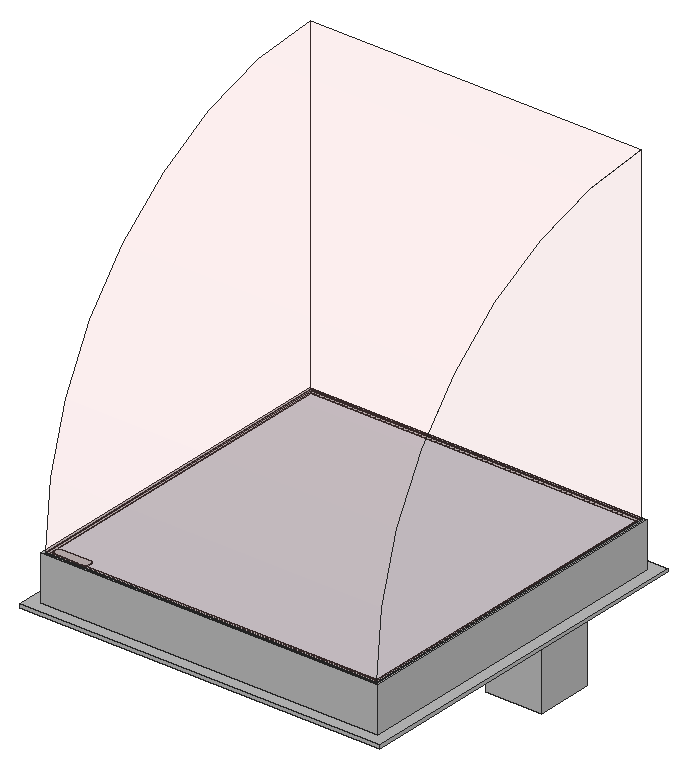
Revit family "Door_Access_Floor_Best_Access_Doors_BA-HFRC-1-Tile", category Specialty Equipment, host Face, Revit 2017
Family settings
  Host = Face
  Round Connector Dimension = Use Diameter
  Part Type = Normal
  Cut with Voids When Loaded = No
  Shared = No
  Room Calculation Point = No
Parameters
  halfswing = (Door Width / 2)  # 1' - 2 3/4"
  Warranty Duration (Years) = 0
  Unit Width = 2' - 0"
  Unit Weight = 0
  Unit Height = 2' - 0"
  Unit Depth = if(Unit Width < 4' 0", 0' 4 1/4", 0' 5")  # 0' - 4 1/4"
  URL = "https://www.bestaccessdoors.com/"
  Test Data = ""
  Swing Clearance Visible [instance] = yes
  Standards Conformance = "as Specified"
  Specification = ""
  SpecWizard = ""
  SingleSwing [instance] = and(Single Leaf, Swing Clearance Visible)  # yes
  Single Leaf = Unit Width < 4' 0"  # yes
  Sales Information = ""
  Revision = "R1_2017-03"
  Product data url = "https://bimobject.com/best-access-doors/product/hinged-floor-hatch-recessed-for-concrete"
  Product Properties = ""
  Product Data = ""
  Overall Width = 2' - 8"
  Overall Height = 2' - 8"
  Opening Width = Unit Width  # 2' - 0"
  Opening Height = Unit Height  # 2' - 0"
  Opening Depth [instance] = 1' - 0"
  Model = "As Specified"
  Manufacturer = "Best Access Doors"  # constant formula
  Maintenance Schedule (Months) = 0
  Keynote = ""
  Installation-Fabrication = ""
  Installation Phase = ""
  Green Building-LEED = ""
  Floor Material [instance] = none
  Fixture Finish [instance] = Metal - Best Access Doors - Aluminum
  Expected Lifespan (Years) = 0
  DoubleSwing [instance] = and(Double Leaf, Swing Clearance Visible)  # no
  Double Leaf = not(Single Leaf)  # no
  Door Width = Overall Width - (0' 1 1/4" * 2)  # 2' - 5 1/2"
  Door Height = Overall Height - (0' 1 1/4" * 2)  # 2' - 5 1/2"
  Description = "Best Access Doors Product as Specified"
  Default Elevation = 0' - 0"  # constant formula
  Construction Details = ""
  Clearance Material [instance] = Clearance
  Clear Opening Width = 1' - 8"
  Clear Opening Height = 2' - 0"
  Capacity = "as Specified"
  Available Options [instance] = "as Specified"
  Assembly Code = ""
Reference planes (in)
  plane 1 "Center (Front/Back)": y = 1.28343
  plane 2: z = 0
  plane 3 "Center (Left/Right)": x = 0
  plane 4: y = 13.28343
  plane 5: y = -10.71657
  plane 6: x = -12
  plane 7: x = 12
  plane 8: z = 0
  plane 9: y = 17.28343
  plane 10: y = -14.71657
  plane 11: x = -16
  plane 12: x = 16
  plane 13: z = -4.25
  plane 14: x = -12
  plane 15: x = 12
  plane 16: y = 13.28343
  plane 17: y = -10.71657
  plane 18: z = -12
  plane 19: y = -13.46657
  plane 20: y = 16.03343
  plane 21: x = -14.75
  plane 22: x = 14.75
Forms (in)
  Extrusion 1, void
    sketch origin (0, 0, 0) x (1, 0, 0) y (0, 1, 0)
      loop
        line (-12, 13.28343) -> (-12, -10.71657) -> (12, -10.71657) -> (12, 13.28343) -> (-12, 13.28343)
    from -12 to 0
  Sweep 2, solid, material "Metal - Best Access Doors - Aluminum" <- "Fixture Finish"
    path origin (0, 0, 0) x (1, 0, 0) y (0, 1, 0)
      loop
        line (-16, 17.28343) -> (-16, -14.71657) -> (16, -14.71657) -> (16, 17.28343) -> (-16, 17.28343)
    profile origin (0, 17.28343, 0) x (0, 1, 0) y (0, 0, 1)
      loop
        line (-4, -1) -> (-4, -4.25) -> (0, -4.25) -> (0, -4) -> (-1, -4) -> (-1, 0) -> (-1.25, 0) -> (-1.25, -4) -> (-3.75, -4) -> (-3.75, -1) -> (-4, -1)
  Extrusion 3, solid, material "Metal - Best Access Doors - Aluminum" <- "Fixture Finish", visible <- "Single Leaf"
    sketch origin (0, 0, 0) x (1, 0, 0) y (0, 1, 0)
      loop
        line (-14.75, 16.03343) -> (-14.75, -13.46657) -> (14.75, -13.46657) -> (14.75, 16.03343) -> (-14.75, 16.03343)
      loop
        line (14.5, 15.78343) -> (-14.5, 15.78343) -> (-14.5, -13.21657) -> (14.5, -13.21657) -> (14.5, 15.78343)
    from 0 to -0.25
  Extrusion 4, solid, material "Metal - Best Access Doors - Aluminum" <- "Fixture Finish", visible <- "Single Leaf"
    sketch origin (0, 0, 0) x (1, 0, 0) y (0, 1, 0)
      loop
        line (-14.5, 15.78343) -> (-14.5, -13.21657) -> (14.5, -13.21657) -> (14.5, 15.78343) -> (-14.5, 15.78343)
    from -1 to -0.25
  Extrusion 5, solid, material "Metal - Best Access Doors - Aluminum" <- "Fixture Finish", visible <- "Double Leaf"
    sketch origin (0, 0, 0) x (1, 0, 0) y (0, 1, 0)
      loop
        line (-14.75, 16.03343) -> (-14.75, -13.46657) -> (0, -13.46657) -> (0, 16.03343) -> (-14.75, 16.03343)
      loop
        line (-14.5, -13.21657) -> (-0.25, -13.21657) -> (-0.25, 15.78343) -> (-14.5, 15.78343) -> (-14.5, -13.21657)
    from 0 to -0.25
  Extrusion 6, solid, material "Metal - Best Access Doors - Aluminum" <- "Fixture Finish", visible <- "Double Leaf"
    sketch origin (0, 0, 0) x (-1, 0, 0) y (0, -1, 0)
      loop
        line (-14.75, -16.03343) -> (0, -16.03343) -> (0, 13.46657) -> (-14.75, 13.46657) -> (-14.75, -16.03343)
      loop
        line (-14.5, 13.21657) -> (-14.5, -15.78343) -> (-0.25, -15.78343) -> (-0.25, 13.21657) -> (-14.5, 13.21657)
    from 0 to -0.25
  Extrusion 7, solid, material "Metal - Best Access Doors - Aluminum" <- "Fixture Finish", visible <- "Double Leaf"
    sketch origin (0, 0, 0) x (1, 0, 0) y (0, 1, 0)
      loop
        line (-14.5, 15.78343) -> (-14.5, -13.21657) -> (0, -13.21657) -> (0, 15.78343) -> (-14.5, 15.78343)
    from -1 to -0.25
  Extrusion 8, solid, material "Metal - Best Access Doors - Aluminum" <- "Fixture Finish", visible <- "Double Leaf"
    sketch origin (0, 0, 0) x (-1, 0, 0) y (0, -1, 0)
      loop
        line (-14.5, -15.78343) -> (0, -15.78343) -> (0, 13.21657) -> (-14.5, 13.21657) -> (-14.5, -15.78343)
    from -1 to -0.25
  Extrusion 9, solid, material "Clearance" <- "Clearance Material", visible <- "DoubleSwing"
    sketch origin (0, 1.28343, 0) x (1, 0, 0) y (0, 0, 1)
      loop
        line (-14.75, 0) -> (0, 0)
        arc (0, 0) -> (-4.32017, 10.42983) -> (-14.75, 14.75) r 14.75
        line (-14.75, 14.75) -> (-14.75, 0)
    from -14.75 to 14.75
  Extrusion 10, solid, material "Clearance" <- "Clearance Material", visible <- "DoubleSwing"
    sketch origin (0, 1.28343, 0) x (-1, 0, 0) y (0, 0, -1)
      loop
        arc (-14.75, -14.75) -> (-4.32017, -10.42983) -> (0, 0) r 14.75
        line (0, 0) -> (-14.75, 0) -> (-14.75, -14.75)
    from -14.75 to 14.75
  Sweep 11, void
    path origin (0, 0, 0) x (1, 0, 0) y (0, 1, 0)
      loop
        line (-16, 17.28343) -> (-16, -14.71657) -> (16, -14.71657) -> (16, 17.28343) -> (-16, 17.28343)
    profile origin (0, 17.28343, 0) x (0, 1, 0) y (0, 0, 1)
      loop
        line (0, -4.25) -> (0, -4) -> (-1, -4) -> (-1, 0) -> (-4, 0) -> (-4, -4.25) -> (0, -4.25)
  Extrusion 12, solid, material "Metal - Best Access Doors - Aluminum" <- "Fixture Finish", visible <- "Single Leaf"
    sketch origin (0, 0, 0) x (1, 0, 0) y (0, 1, 0)
      loop
        arc (-14.11848, -12.45158) -> (-14.29526, -12.5248) -> (-14.36848, -12.70158) r 0.25
        line (-14.36848, -12.70158) -> (-14.36848, -12.96657)
        arc (-14.36848, -12.96657) -> (-14.29526, -13.14335) -> (-14.11848, -13.21657) r 0.25
        line (-14.11848, -13.21657) -> (-11.55598, -13.21657)
        arc (-11.55598, -13.21657) -> (-11.37921, -13.14335) -> (-11.30598, -12.96657) r 0.25
        line (-11.30598, -12.96657) -> (-11.30598, -12.70158)
        arc (-11.30598, -12.70158) -> (-11.37921, -12.5248) -> (-11.55598, -12.45158) r 0.25
        line (-11.55598, -12.45158) -> (-14.11848, -12.45158)
    from 0 to -0.25
  Extrusion 13, solid, material "Metal - Best Access Doors - Aluminum" <- "Fixture Finish", visible <- "Single Leaf"
    sketch origin (0, 0, 0) x (1, 0, 0) y (0, 1, 0)
      loop
        line (-12, 13.28343) -> (-12, 8.28343) -> (-7, 8.28343) -> (-7, 13.28343) -> (-12, 13.28343)
      loop
        line (12, 13.28343) -> (7, 13.28343) -> (7, 8.28343) -> (12, 8.28343) -> (12, 13.28343)
    from -4.25 to -13
  Extrusion 14, solid, material "Metal - Best Access Doors - Aluminum" <- "Fixture Finish", visible <- "Double Leaf"
    sketch origin (16.86525, 0.55839, 0) x (1, 0, 0) y (0, 1, 0)
      loop
        arc (-14.11848, -12.45158) -> (-14.29526, -12.5248) -> (-14.36848, -12.70158) r 0.25
        line (-14.36848, -12.70158) -> (-14.36848, -12.96657)
        arc (-14.36848, -12.96657) -> (-14.29526, -13.14335) -> (-14.11848, -13.21657) r 0.25
        line (-14.11848, -13.21657) -> (-11.55598, -13.21657)
        arc (-11.55598, -13.21657) -> (-11.37921, -13.14335) -> (-11.30598, -12.96657) r 0.25
        line (-11.30598, -12.96657) -> (-11.30598, -12.70158)
        arc (-11.30598, -12.70158) -> (-11.37921, -12.5248) -> (-11.55598, -12.45158) r 0.25
        line (-11.55598, -12.45158) -> (-14.11848, -12.45158)
    from 0 to -0.25
  Extrusion 15, solid, material <- "Floor Material", visible <- "Double Leaf"
    sketch origin (0, 0, 0) x (1, 0, 0) y (0, 1, 0)
      loop
        line (-14.5, 15.78343) -> (-14.5, -13.21657) -> (-0.25, -13.21657) -> (-0.25, 15.78343) -> (-14.5, 15.78343)
      loop
        line (0.25, -13.21657) -> (14.5, -13.21657) -> (14.5, 15.78343) -> (0.25, 15.78343) -> (0.25, -13.21657)
    from 0 to -0.25
  Extrusion 16, solid, material <- "Floor Material", visible <- "Single Leaf"
    sketch origin (0, 0, 0) x (1, 0, 0) y (0, 1, 0)
      loop
        line (-14.5, 15.78343) -> (-14.5, -13.21657) -> (14.5, -13.21657) -> (14.5, 15.78343) -> (-14.5, 15.78343)
    from 0 to -0.25
  Extrusion 17, solid, material "Clearance" <- "Clearance Material", visible <- "SingleSwing"
    sketch origin (0, 0, 0) x (0, 1, 0) y (0, 0, 1)
      loop
        arc (16.03343, 29.5) -> (-4.82622, 20.85965) -> (-13.46657, 0) r 29.5
        line (-13.46657, 0) -> (16.03343, 0) -> (16.03343, 29.5)
    from -14.75 to 14.75
  Extrusion 18, solid, material "Metal - Best Access Doors - Aluminum" <- "Fixture Finish", visible <- "Double Leaf"
    sketch origin (0, 0, 0) x (1, 0, 0) y (0, 1, 0)
      loop
        line (-12, 13.28343) -> (-12, 8.28343) -> (-7, 8.28343) -> (-7, 13.28343) -> (-12, 13.28343)
      loop
        line (-7, -5.71657) -> (-12, -5.71657) -> (-12, -10.71657) -> (-7, -10.71657) -> (-7, -5.71657)
      loop
        line (12, 13.28343) -> (7, 13.28343) -> (7, 8.28343) -> (12, 8.28343) -> (12, 13.28343)
      loop
        line (7, -5.71657) -> (7, -10.71657) -> (12, -10.71657) -> (12, -5.71657) -> (7, -5.71657)
    from -4.25 to -13
Lines and regions (in)
  model lines, visible <- "Single Leaf"
    curve 1: line (-14.75, -13.46657, 0) -> (0, 16.03343, 0)
    curve 2: line (0, 16.03343, 0) -> (14.75, -13.46657, 0)
  model lines, visible <- "DoubleSwing"
    curve 3: line (0, 16.03343, 0) -> (-14.75, 1.28343, 0)
    curve 4: line (-14.75, 1.28343, 0) -> (0, -13.46657, 0)
    curve 5: line (0, -13.46657, 0) -> (14.75, 1.28343, 0)
    curve 6: line (14.75, 1.28343, 0) -> (0, 16.03343, 0)
Dimensions and locks (in)
  locked: plane 8 to level
  equal spacing: plane 4, plane 1 "Center (Front/Back)", plane 5
  "Unit Height": plane 4 to plane 5
  equal spacing: plane 6, plane 3 "Center (Left/Right)", plane 7
  "Unit Width": plane 6 to plane 7
  equal spacing: plane 11, plane 3 "Center (Left/Right)", plane 12
  equal spacing: plane 9, plane 1 "Center (Front/Back)", plane 10
  "Overall Width": plane 11 to plane 12
  "Overall Height": plane 9 to plane 10
  "Unit Depth": plane 8 to plane 13
  equal spacing: plane 16, plane 1 "Center (Front/Back)", plane 17
  equal spacing: plane 14, plane 3 "Center (Left/Right)", plane 15
  "Opening Width": plane 14 to plane 15
  "Opening Height": plane 16 to plane 17
  "Opening Depth": level to plane 18
  locked: level to Sweep 11 sketch curve at 0
  Sweep 2 sketch curve to Sweep 2 sketch curve to plane 13 = 0' - 0" locked, 0' - 0 1/4" locked
  level to Sweep 2 sketch curve to Sweep 2 sketch curve = 0' - 0" locked, 0' - 1" locked
  locked: Sweep 11 sketch curve to plane 13 at 0.25
  locked: Extrusion 5 sketch curve to plane 10 at 1.25
  locked: plane 9 to Extrusion 5 sketch curve at 1.25
  locked: plane 11 to Extrusion 5 sketch curve at 1.25
  locked: Extrusion 3 sketch curve to plane 10 at 1.25
  locked: plane 9 to Extrusion 3 sketch curve at 1.25
  locked: plane 11 to Extrusion 3 sketch curve at 1.25
  locked: Extrusion 3 sketch curve to plane 12 at 1.25
  locked: plane 9 to Extrusion 6 sketch curve at 1.25
  locked: Extrusion 6 sketch curve to plane 12 at 1.25
  locked: Extrusion 6 sketch curve to plane 10 at 1.25
  locked: plane 14 to Extrusion 13 sketch curve at 5
  locked: plane 16 to Extrusion 13 sketch curve at 5  (x2)
  locked: Extrusion 13 sketch curve to plane 15 at 5
  plane 11 to Extrusion 12 sketch curve to Extrusion 12 sketch curve = 0' - 1.63152" locked, 0' - 3 1/16" locked
  Extrusion 12 sketch curve to Extrusion 12 sketch curve to plane 10 = 0' - 0.76499" locked, 0' - 1 1/2" locked
  locked: Extrusion 8 sketch curve to plane 10 at 1.5
  locked: plane 9 to Extrusion 8 sketch curve at 1.5
  locked: Extrusion 8 sketch curve to plane 12 at 1.5
  locked: plane 9 to Extrusion 4 sketch curve at 1.5
  locked: Extrusion 4 sketch curve to plane 10 at 1.5
  locked: plane 11 to Extrusion 4 sketch curve at 1.5
  locked: Extrusion 4 sketch curve to plane 12 at 1.5
  locked: plane 9 to Extrusion 7 sketch curve at 1.5
  locked: Extrusion 7 sketch curve to plane 10 at 1.5
  locked: plane 11 to Extrusion 7 sketch curve at 1.5
  locked: Extrusion 14 sketch curve to Extrusion 14 sketch curve at 3.0625
  locked: Extrusion 14 sketch curve to Extrusion 14 sketch curve at 0.76499
  locked: plane 3 "Center (Left/Right)" to Extrusion 14 sketch curve at 2.49677
  locked: Extrusion 14 sketch curve to plane 10 at 2.05839
  locked: plane 9 to Extrusion 15 sketch curve at 1.5  (x2)
  locked: plane 3 "Center (Left/Right)" to Extrusion 15 sketch curve at 0.25
  locked: Extrusion 15 sketch curve to plane 3 "Center (Left/Right)" at 0.25
  locked: Extrusion 15 sketch curve to plane 10 at 1.5  (x2)
  locked: plane 11 to Extrusion 15 sketch curve at 1.5
  locked: Extrusion 15 sketch curve to plane 12 at 1.5
  locked: plane 11 to Extrusion 16 sketch curve at 1.5
  locked: Extrusion 16 sketch curve to plane 12 at 1.5
  locked: plane 9 to Extrusion 16 sketch curve at 1.5
  locked: Extrusion 16 sketch curve to plane 10 at 1.5
  locked: Extrusion 9 sketch curve to plane 11 at 1.25
  locked: level to Extrusion 9 sketch curve at 0
  locked: plane 12 to Extrusion 10 sketch curve at 1.25
  locked: level to Extrusion 10 sketch curve at 0
  locked: plane 19 to plane 10 at 1.25
  locked: plane 9 to plane 20 at 1.25
  locked: plane 11 to plane 21 at 1.25
  locked: plane 22 to plane 12 at 1.25
  locked: Extrusion 17 sketch curve to plane 9 at 1.25
  locked: level to Extrusion 17 sketch curve at 0
  locked: Extrusion 18 sketch curve to plane 17 at 5  (x2)
  locked: plane 14 to Extrusion 18 sketch curve at 5  (x2)
  locked: plane 16 to Extrusion 18 sketch curve at 5  (x2)
  locked: Extrusion 18 sketch curve to plane 15 at 5  (x2)
  "halfswing": radius of Extrusion 9 sketch curve
  "halfswing": radius of Extrusion 10 sketch curve
  "Door Height": radius of Extrusion 17 sketch curve
  aligned and locked: host face to plane 2
  aligned and locked: host face to level
  aligned and locked: Extrusion 1 sketch curve to plane 16
  aligned and locked: plane 14 to Extrusion 1 sketch curve
  aligned and locked: plane 17 to Extrusion 1 sketch curve
  aligned and locked: Extrusion 1 sketch curve to plane 15
  aligned and locked: Extrusion 1 to plane 18
  aligned and locked: plane 8 to Extrusion 1
  aligned and locked: Sweep 2 sketch curve to plane 9
  aligned and locked: plane 11 to Sweep 2 sketch curve
  aligned and locked: plane 10 to Sweep 2 sketch curve
  aligned and locked: Sweep 2 sketch curve to plane 12
  aligned and locked: Extrusion 6 sketch curve to plane 3 "Center (Left/Right)"
  aligned and locked: Extrusion 5 sketch curve to plane 3 "Center (Left/Right)"
  aligned and locked: Extrusion 7 sketch curve to plane 3 "Center (Left/Right)"
  aligned and locked: Extrusion 8 sketch curve to plane 3 "Center (Left/Right)"
  aligned and locked: plane 10 to Sweep 11 sketch curve
  aligned and locked: Sweep 11 sketch curve to plane 12
  aligned and locked: Extrusion 13 sketch curve to plane 14
  aligned and locked: Extrusion 13 sketch curve to plane 16
  aligned and locked: Extrusion 13 sketch curve to plane 15
  aligned and locked: plane 16 to Extrusion 13 sketch curve
  aligned and locked: Extrusion 10 to plane 20
  aligned and locked: plane 19 to Extrusion 10
  aligned and locked: plane 19 to Extrusion 9
  aligned and locked: Extrusion 9 to plane 20
  aligned and locked: plane 1 "Center (Front/Back)" to curve 6
  aligned and locked: plane 22 to curve 5
  aligned and locked: plane 21 to curve 4
  aligned and locked: plane 1 "Center (Front/Back)" to curve 4
  aligned and locked: plane 3 "Center (Left/Right)" to curve 4
  aligned and locked: plane 19 to curve 5
  aligned and locked: plane 20 to curve 6
  aligned and locked: plane 3 "Center (Left/Right)" to curve 3
  aligned and locked: plane 3 "Center (Left/Right)" to curve 1
  aligned and locked: plane 20 to curve 2
  aligned and locked: Extrusion 17 to plane 22
  aligned and locked: plane 21 to Extrusion 17
  aligned and locked: Extrusion 18 sketch curve to plane 17
  aligned and locked: Extrusion 18 sketch curve to plane 15  (x2)
  aligned and locked: Extrusion 18 sketch curve to plane 14  (x2)
  aligned and locked: plane 17 to Extrusion 18 sketch curve
  aligned and locked: Extrusion 18 sketch curve to plane 16
  aligned and locked: plane 16 to Extrusion 18 sketch curve
  aligned and locked: plane 13 to Extrusion 18
  aligned and locked: plane 13 to Extrusion 13
Automatic sketch dimensions
  host sketch curve to host sketch curve = 12' - 11.75605"
  host sketch curve to host sketch curve = 12' - 7.74281"
  Sweep 2 sketch curve to profile plane = 0' - 0"
  profile plane to Sweep 2 sketch curve = 0' - 1"
  Sweep 2 sketch curve to Sweep 2 sketch curve = 0' - 0 1/4"  (x3)
  Sweep 2 sketch curve to Sweep 2 sketch curve = 0' - 2 1/2"
  Extrusion 3 sketch curve to plane 21 = 0' - 0 1/4"
  plane 22 to Extrusion 3 sketch curve = 0' - 0 1/4"
  Extrusion 3 sketch curve to plane 19 = 0' - 0 1/4"
  plane 20 to Extrusion 3 sketch curve = 0' - 0 1/4"
  Extrusion 5 sketch curve to plane 21 = 0' - 0 1/4"
  Extrusion 5 sketch curve to plane 3 "Center (Left/Right)" = 0' - 0 1/4"
  Extrusion 5 sketch curve to plane 19 = 0' - 0 1/4"
  plane 20 to Extrusion 5 sketch curve = 0' - 0 1/4"
  Extrusion 6 sketch curve to plane 22 = 0' - 0 1/4"
  Extrusion 6 sketch curve to plane 3 "Center (Left/Right)" = 0' - 0 1/4"
  plane 19 to Extrusion 6 sketch curve = 0' - 0 1/4"
  Extrusion 6 sketch curve to plane 20 = 0' - 0 1/4"
  curve 1 to Extrusion 3 = 0' - 0"  (x2)
  Extrusion 3 to curve 2 = 0' - 0"
  curve 2 to Extrusion 3 = 0' - 0"
  plane 21 to Extrusion 9 sketch curve = 0' - 0"
  plane 22 to Extrusion 10 sketch curve = 0' - 0"
  Sweep 11 sketch curve to plane 11 = 0' - 0"
  Sweep 11 sketch curve to plane 9 = 0' - 0"
  Sweep 11 sketch curve to profile plane = 0' - 0"
  profile plane to Sweep 11 sketch curve = 0' - 1"
  Sweep 11 sketch curve to Sweep 11 sketch curve = 0' - 3"
  Sweep 11 sketch curve to Sweep 11 sketch curve = 0' - 0 1/4"
  Extrusion 12 sketch curve to Extrusion 12 sketch curve = 0' - 0 1/4"  (x4)
  Extrusion 14 sketch curve to Extrusion 14 sketch curve = 0' - 0 1/4"  (x4)
  Extrusion 17 sketch curve to plane 20 = 0' - 0"
